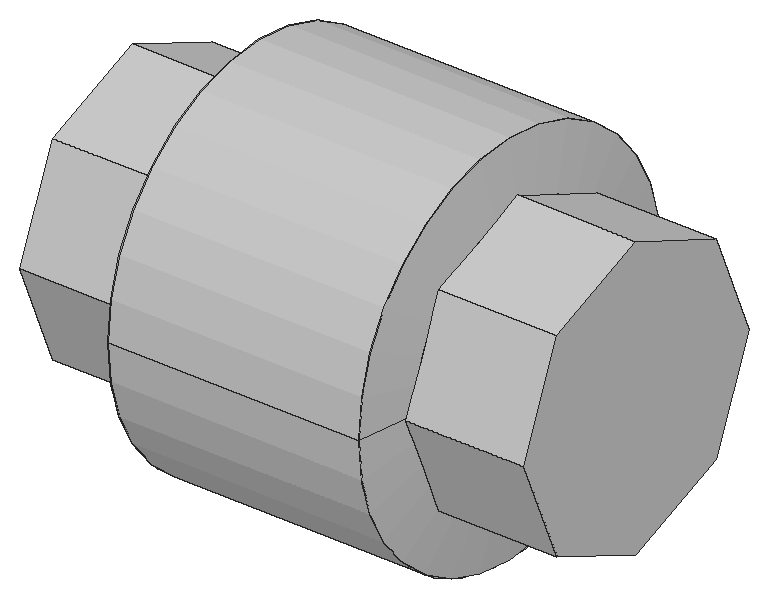
Revit family "PA_Арматура трубопроводов [обратный клапан никелированный, VT.161.N] - VALTEC", category Арматура трубопроводов, Revit 2018
Family settings
  Размер круглого соединителя = Использовать диаметр
  Тип детали = Вставляется
  На основе рабочей плоскости = Нет
  Всегда вертикально = Да
  При загрузке вырезать с полостями = Нет
  Общий = Нет
Parameters (values of type "VT.161.N")
  Таблица 2 = "PA_Арматура трубопроводов [обратный клапан никелированный, VT.161.N] - VALTEC - Таблица 2"  # constant formula
  Таблица 1 = "PA_Арматура трубопроводов [обратный клапан никелированный, VT.161.N] - VALTEC - Таблица 1"  # constant formula
  Материал доб. = Черный - VALTEC
  Изготовитель = "VALTEC"  # constant formula
  l2 [instance] = size_lookup(Таблица 1, "l2", 0 mm, D)  # 22.9 mm
  l1 [instance] = size_lookup(Таблица 1, "l1", 0 mm, D)  # 10.8 mm
  d1 [instance] = size_lookup(Таблица 1, "d1", 0 mm, D)  # 23.6 mm
  DN [instance] = size_lookup(Таблица 1, "DN", 0 mm, D)  # 25.6 mm
  D [instance] = 15 mm
  URL = "https://valtec.ru/"
  B [instance] = size_lookup(Таблица 1, "B", 0 mm, D)  # 46 mm
  ADSK_Примечание [instance] = ""
  ADSK_Позиция [instance] = ""
  ADSK_Обозначение [instance] = "VT.161.N"  # constant formula
  ADSK_Наименование [instance] = size_lookup(Таблица 1, "", "Данный типоразмер отсутствует", D)  # "Обратный клапан с латунным золотником 1/2\""
  ADSK_Материал = Сталь, нержавеющая - VALTEC
  ADSK_Масса [instance] = size_lookup(Таблица 1, "ADSK_Масса", 0, D)  # 0.11
  ADSK_Марка [instance] = size_lookup(Таблица 2, "", "Данный типоразмер отсутствует", D)  # "VT.161.N.04"
  ADSK_Код изделия [instance] = size_lookup(Таблица 2, "", "Данный типоразмер отсутствует", D)  # "VT.161.N.04"
  ADSK_Завод-изготовитель [instance] = Изготовитель  # "VALTEC"
  ADSK_Единица измерения [instance] = "шт."  # constant formula
  ADSK_URL страницы изделия = "https://valtec.ru/catalog/reguliruyuschaya_armatura/obratnye_klapany/obratnyj_klapan_nikelirovannyj_vt161n.html"
  ADSK_URL документации изделия = "https://valtec.ru/document/technical/VT.161-1116.pdf"
  A [instance] = size_lookup(Таблица 1, "A", 0 mm, D)  # 34.5 mm
Reference planes
  plane 1 "По центру (Вперед/Назад)": y = 0
  plane 2: z = 0
  plane 3 "По центру (Влево/Вправо)": x = 0
  plane 4: y = 17.25
  plane 5: y = -17.25
  plane 6: y = -13.8
  plane 7: y = 13.8
  plane 8: x = -23
  plane 9: x = 23
  plane 10: z = 17.25
  plane 11: z = -17.25
  plane 12: x = -11.45
  plane 13: x = 11.45
  plane 14: x = -12.2
  plane 15: x = 12.2
Forms (mm)
  Extrusion 1, solid, material "Сталь, нержавеющая - VALTEC" <- "ADSK_Материал", detail levels medium+fine
    sketch origin (0, 0, 0) x (0, 1, 0) y (0, 0, 1)
      loop
        circle (0, 0) r 17.25
    from -11.45 to 11.45
  Blend 2, solid, material "Сталь, нержавеющая - VALTEC" <- "ADSK_Материал", detail levels medium+fine
    base sketch origin (0, 0, 0) x (0, 1, 0) y (0, 0, 1)
      loop
        circle (0, 0) r 17.25
    top sketch origin (0, 0, 0) x (0, 1, 0) y (0, 0, 1)
      loop
        circle (0, 0) r 11.8
    from -11.45 to -12.2
  Blend 3, solid, material "Сталь, нержавеющая - VALTEC" <- "ADSK_Материал", detail levels medium+fine
    base sketch origin (0, 0, 0) x (0, 1, 0) y (0, 0, -1)
      loop
        circle (0, 0) r 17.25
    top sketch origin (0, 0, 0) x (0, 1, 0) y (0, 0, -1)
      loop
        circle (0, 0) r 11.8
    from -11.45 to -12.2
  Extrusion 4, solid, material "Черный - VALTEC" <- "Материал доб.", detail levels coarse
    sketch origin (0, 0, 0) x (1, 0, 0) y (0, 1, 0)
      loop
        line (0, 0) -> (-23, 17.25) -> (-23, -17.25) -> (0, 0)
    from -0.1 to 0.1
Lines and regions (mm)
  model lines, detail levels coarse
    curve 1: line (23, -17.25, 0) -> (0, 0, 0)
    curve 2: line (0, 0, 0) -> (23, 17.25, 0)
    curve 3: line (23, 17.25, 0) -> (23, -17.25, 0)
  symbolic lines, detail levels coarse
    curve 4: line (-23, 0, 17.25) -> (23, 0, -17.25)
    curve 5: line (23, 0, 17.25) -> (-23, 0, -17.25)
    curve 6: line (-23, 0, 17.25) -> (-23, 0, -17.25)
    curve 7: line (23, 0, 17.25) -> (23, 0, -17.25)
Dimensions and locks
  equal spacing: plane 5, plane 1 "По центру (Вперед/Назад)", plane 4
  "A": plane 5 to plane 4
  equal spacing: plane 6, plane 1 "По центру (Вперед/Назад)", plane 7
  locked: plane 6 to plane 7 at 27.6
  equal spacing: plane 8, plane 3 "По центру (Влево/Вправо)", plane 9
  "B": plane 8 to plane 9
  equal spacing: plane 10, plane 2, plane 11
  "A": plane 10 to plane 11
  equal spacing: plane 12, plane 3 "По центру (Влево/Вправо)", plane 13
  "l2": plane 12 to plane 13
  "l1": plane 8 to plane 14
  "l1": plane 15 to plane 9
  "A": diameter of Extrusion 1 sketch curve
  "A": diameter of Blend 2 sketch curve
  "d1": diameter of Blend 2 sketch curve
  "A": diameter of Blend 3 sketch curve
  "d1": diameter of Blend 3 sketch curve
  aligned and locked: level to plane 2
  aligned and locked: plane 1 "По центру (Вперед/Назад)" to nested 1
  aligned and locked: nested 1 to plane 8
  aligned and locked: plane 1 "По центру (Вперед/Назад)" to nested 2
  aligned and locked: nested 2 to plane 9
  aligned and locked: level to Extrusion 1 sketch curve
  aligned and locked: plane 1 "По центру (Вперед/Назад)" to Extrusion 1 sketch curve
  aligned and locked: level to Blend 2 sketch curve  (x2)
  aligned and locked: plane 1 "По центру (Вперед/Назад)" to Blend 2 sketch curve  (x2)
  aligned and locked: level to Blend 3 sketch curve  (x2)
  aligned and locked: plane 1 "По центру (Вперед/Назад)" to Blend 3 sketch curve  (x2)
  aligned and locked: Extrusion 1 to plane 13
  aligned and locked: Extrusion 1 to plane 12
  aligned and locked: plane 12 to Blend 2
  aligned and locked: Blend 2 to plane 14
  aligned and locked: plane 13 to Blend 3
  aligned and locked: Blend 3 to plane 15
  aligned and locked: plane 5 to Extrusion 4 sketch curve
  aligned and locked: plane 8 to Extrusion 4 sketch curve  (x2)
  aligned and locked: plane 4 to Extrusion 4 sketch curve
  aligned and locked: plane 1 "По центру (Вперед/Назад)" to Extrusion 4 sketch curve
  aligned and locked: plane 3 "По центру (Влево/Вправо)" to Extrusion 4 sketch curve
  aligned and locked: plane 9 to curve 2
  aligned and locked: plane 9 to curve 1
  aligned and locked: plane 5 to curve 3
  aligned and locked: plane 4 to curve 3
  aligned and locked: plane 3 "По центру (Влево/Вправо)" to curve 2
  aligned and locked: plane 1 "По центру (Вперед/Назад)" to curve 1
  aligned and locked: plane 11 to curve 5
  aligned and locked: plane 8 to curve 5
  aligned and locked: plane 11 to curve 4
  aligned and locked: plane 9 to curve 4
  aligned and locked: plane 10 to curve 5
  aligned and locked: plane 9 to curve 5
  aligned and locked: plane 10 to curve 6
  aligned and locked: curve 6 to plane 8
Nested families
  nested 1: "Гайка - горизонталь" at (-17.6, 0, 0), ADSK_Материал <- "ADSK_Материал", d3 <- "DN", B <- "l1", type "Гайка - горизонталь", detail levels medium+fine
    with hr 23.651 mm, d3 25.6 mm, B 10.8 mm, ADSK_Материал Сталь, нержавеющая - VALTEC
  nested 2: "Гайка - горизонталь" at (17.6, 0, 0), ADSK_Материал <- "ADSK_Материал", d3 <- "DN", B <- "l1", type "Гайка - горизонталь", detail levels medium+fine
    with hr 23.651 mm, d3 25.6 mm, B 10.8 mm, ADSK_Материал Сталь, нержавеющая - VALTEC
Connectors
  piping at (-23, 0, 0), diameter 15, driven by "D"
    settings: on nested 1, index 1, connector inside diameter 609.6 mm, connector length 0 mm, flow factor 0, pipe flow 0.0 L/s, pressure drop 0.0 Pa, fitting loss kfactor 0, connector angle 0.00°, fixture units 0, engagement length 0 mm, angle of deflection 0.00°, flow configuration 0, flow direction 0, fitting loss method 0, system type 28, joint type 0, gender type 0, connector reference index 2, connector utility 0, adjustable connector no, is connector primary yes, connector description ""
  piping at (23, 0, 0), diameter 15, driven by "D"
    settings: on nested 2, index 2, connector inside diameter 609.6 mm, connector length 0 mm, flow factor 0, pipe flow 0.0 L/s, pressure drop 0.0 Pa, fitting loss kfactor 0, connector angle 0.00°, fixture units 0, engagement length 0 mm, angle of deflection 0.00°, flow configuration 0, flow direction 0, fitting loss method 0, system type 28, joint type 0, gender type 0, connector reference index 1, connector utility 0, adjustable connector no, is connector primary no, connector description ""
Definition of nested family "Гайка - горизонталь"
  Parameters (values of type "Гайка - горизонталь")
    hr [instance] = d3 / 2 * cos(180.00° / 8) * 2  # 588.881 mm
    d3 [instance] = 637.4 mm
    B [instance] = 637.4 mm
    ADSK_Материал [instance] = none
  Reference planes
    plane 1 "По центру (Вперед/Назад)": y = 0
    plane 2: z = 0
    plane 3 "По центру (Влево/Вправо)": x = 0
    plane 4: y = 318.7
    plane 5: y = -318.7
    plane 6: through (0, -912.519, 2972.425) normal (0, -0.9239, -0.3827)
    plane 7: through (0, -1234.338, 2979.956) normal (0, -0.9239, -0.3827)
    plane 8: through (0, -1556.157, 2987.486) normal (0, -0.9239, -0.3827)
    plane 9: through (0, 1234.338, 2979.956) normal (0, -0.9239, 0.3827)
    plane 10: through (0, -2420.114, 1321.144) normal (0, -0.3827, -0.9239)
    plane 11: through (0, -2532.792, 1049.117) normal (0, -0.3827, -0.9239)
    plane 12: through (0, -2645.469, 777.089) normal (0, -0.3827, -0.9239)
    plane 13: through (0, 2420.114, 1321.144) normal (0, -0.3827, 0.9239)
    plane 14: through (0, 2532.792, 1049.117) normal (0, -0.3827, 0.9239)
    plane 15: through (0, 2645.469, 777.089) normal (0, -0.3827, 0.9239)
    plane 16: through (0, 912.519, 2972.425) normal (0, -0.9239, 0.3827)
    plane 17: through (0, 1234.338, 2979.956) normal (0, -0.9239, 0.3827)
    plane 18: through (0, 1556.157, 2987.486) normal (0, -0.9239, 0.3827)
    plane 19: x = 318.7
    plane 20: x = -318.7
  Forms (mm)
    Extrusion 1, solid, material <- "ADSK_Материал"
      sketch origin (0, 0, 0) x (0, 1, 0) y (0, 0, 1)
        loop
          line (0, 318.7) -> (-225.355, 225.355) -> (-318.7, 0) -> (-225.355, -225.355) -> (0, -318.7) -> (225.355, -225.355) -> (318.7, 0) -> (225.355, 225.355) -> (0, 318.7)
      from -318.7 to 318.7
  Dimensions and locks
    equal spacing: plane 4, plane 1 "По центру (Вперед/Назад)", plane 5
    "d3": plane 4 to plane 5
    equal spacing: plane 8, plane 7, plane 6
    "hr": plane 8 to plane 6
    equal spacing: plane 12, plane 11, plane 10
    "hr": plane 12 to plane 10
    equal spacing: plane 15, plane 14, plane 13
    "hr": plane 15 to plane 13
    equal spacing: plane 18, plane 17, plane 16
    "hr": plane 18 to plane 16
    equal spacing: plane 20, plane 3 "По центру (Влево/Вправо)", plane 19
    "B": plane 20 to plane 19
    aligned and locked: level to plane 2
    aligned and locked: plane 10 to Extrusion 1 sketch curve
    aligned and locked: plane 13 to Extrusion 1 sketch curve
    aligned and locked: plane 16 to Extrusion 1 sketch curve
    aligned and locked: Extrusion 1 sketch curve to plane 8
    aligned and locked: Extrusion 1 sketch curve to plane 12
    aligned and locked: Extrusion 1 sketch curve to plane 15
    aligned and locked: Extrusion 1 sketch curve to plane 18
    aligned and locked: plane 6 to Extrusion 1 sketch curve
    aligned and locked: plane 19 to Extrusion 1
    aligned and locked: plane 20 to Extrusion 1
    aligned and locked: Extrusion 1 to plane 19
